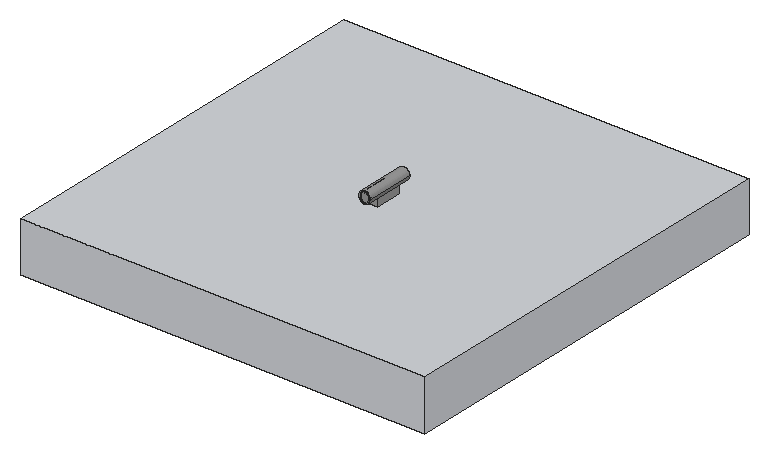
Revit family "LAMP_LUP WALL 70 DIRECT", category Luminarias, Revit 2018 (continued)
Types (2, lengths in mm): name | built-in parameter 1150107 | Product datasheet | Product code | built-in parameter 1150142 | built-in parameter 1150105 | built-in parameter 1150106 | Lumens | built-in parameter 1150104 | Efficacy | Archivo de red fotométrica
    .69 67.09 54.16 43.96 36.19 30.62 25.18 20.47 16.58 \r\n13.78 11.60 9.96 8.92 7.90 6.88 5.86 4.99 4.28 3.67 3.13 \r\n2.64 2.26 1.93 1.63 1.34 0.99 0.61 0.34 0.18 0.00 0.00 \r\n0.00 0.00 0.00 0.00 0.00 0.00 0.00 0.00 0.00 0.00 0.00 \r\n0.00 0.00 0.00 0.00 0.00 0.00 0.00 0.00 0.00 0.00 0.00 \r\n0.00 0.00 0.00 0.00 0.00 0.00 0.00 0.00 0.00 0.00 0.00 \r\n0.00 0.00 0.00 0.00 0.00 0.00 0.00 0.00 0.00 0.00 0.00 \r\n482.70 440.11 401.72 363.41 326.11 291.57 260.75 232.26 \r\n206.59 184.01 163.37 144.46 127.28 112.56 99.13 86.85 \r\n73.57 61.38 50.47 41.73 34.84 29.66 24.47 19.98 16.21 \r\n13.54 11.41 9.84 8.80 7.79 6.77 5.76 4.91 4.23 3.63 3.09 \r\n2.60 2.24 1.93 1.65 1.36 1.01 0.62 0.34 0.18 0.00 0.00 \r\n0.00 0.00 0.00 0.00 0.00 0.00 0.00 0.00 0.00 0.00 0.00 \r\n0.00 0.00 0.00 0.00 0.00 0.00 0.00 0.00 0.00 0.00 0.00 \r\n0.00 0.00 0.00 0.00 0.00 0.00 0.00 0.00 0.00 0.00 0.00 \r\n0.00 0.00 0.00 0.00 0.00 0.00 0.00 0.00 0.00 0.00 0.00 \r\n482.70 436.84 395.58 355.16 315.61 279.27 246.68 217.01 \r\n190.31 166.84 145.85 127.21 110.72 97.79 86.42 76.28 \r\n65.56 55.65 46.86 39.52 33.49 28.69 23.76 19.49 15.91 \r\n13.30 11.24 9.70 8.68 7.68 6.65 5.66 4.83 4.16 3.58 3.05 \r\n2.58 2.23 1.93 1.67 1.38 1.02 0.63 0.34 0.17 0.00 0.00 \r\n0.00 0.00 0.00 0.00 0.00 0.00 0.00 0.00 0.00 0.00 0.00 \r\n0.00 0.00 0.00 0.00 0.00 0.00 0.00 0.00 0.00 0.00 0.00 \r\n0.00 0.00 0.00 0.00 0.00 0.00 0.00 0.00 0.00 0.00 0.00 \r\n0.00 0.00 0.00 0.00 0.00 0.00 0.00 0.00 0.00 0.00 0.00 \r\n482.70 433.62 389.61 347.00 305.27 267.10 232.69 201.68 \r\n174.03 149.68 128.39 109.68 94.04 82.94 73.66 65.53 57.37 \r\n49.95 43.24 37.28 32.14 27.72 23.05 18.98 15.60 13.06 \r\n11.06 9.54 8.56 7.57 6.53 5.56 4.76 4.11 3.54 3.01 2.56 \r\n2.22 1.94 1.69 1.39 1.03 0.63 0.34 0.17 0.00 0.00 0.00 \r\n0.00 0.00 0.00 0.00 0.00 0.00 0.00 0.00 0.00 0.00 0.00 \r\n0.00 0.00 0.00 0.00 0.00 0.00 0.00 0.00 0.00 0.00 0.00 \r\n0.00 0.00 0.00 0.00 0.00 0.00 0.00 0.00 0.00 0.00 0.00 \r\n0.00 0.00 0.00 0.00 0.00 0.00 0.00 0.00 0.00 0.00 \r\n482.70 430.46 383.98 338.93 295.14 255.10 219.07 187.17 \r\n158.48 132.86 110.86 92.12 76.92 68.30 61.05 54.97 49.37 \r\n44.22 39.58 35.07 30.79 26.75 22.33 18.49 15.28 12.83 \r\n10.88 9.43 8.45 7.46 6.41 5.46 4.68 4.06 3.49 2.98 2.52 \r\n2.20 1.94 1.71 1.41 1.05 0.64 0.34 0.18 0.00 0.00 0.00 \r\n0.00 0.00 0.00 0.00 0.00 0.00 0.00 0.00 0.00 0.00 0.00 \r\n0.00 0.00 0.00 0.00 0.00 0.00 0.00 0.00 0.00 0.00 0.00 \r\n0.00 0.00 0.00 0.00 0.00 0.00 0.00 0.00 0.00 0.00 0.00 \r\n0.00 0.00 0.00 0.00 0.00 0.00 0.00 0.00 0.00 0.00 \r\n482.70 427.34 378.43 331.38 285.26 243.27 205.98 173.36 \r\n144.13 118.69 97.23 79.13 64.50 56.57 50.59 45.77 42.27 \r\n39.35 36.42 32.93 29.55 25.81 21.68 18.02 14.97 12.60 \r\n10.71 9.30 8.33 7.34 6.29 5.37 4.61 4.00 3.44 2.94 2.50 \r\n2.19 1.95 1.73 1.43 1.05 0.64 0.34 0.18 0.00 0.00 0.00 \r\n0.00 0.00 0.00 0.00 0.00 0.00 0.00 0.00 0.00 0.00 0.00 \r\n0.00 0.00 0.00 0.00 0.00 0.00 0.00 0.00 0.00 0.00 0.00 \r\n0.00 0.00 0.00 0.00 0.00 0.00 0.00 0.00 0.00 0.00 0.00 \r\n0.00 0.00 0.00 0.00 0.00 0.00 0.00 0.00 0.00 0.00 \r\n482.70 424.25 372.99 324.11 276.17 232.69 194.34 160.91 \r\n131.53 107.13 87.61 71.31 58.91 52.56 47.75 43.74 40.63 \r\n37.80 35.18 32.13 28.84 25.31 21.30 17.78 14.81 12.46 \r\n10.57 9.14 8.18 7.21 6.20 5.30 4.55 3.95 3.40 2.91 2.50 \r\n2.21 1.97 1.75 1.44 1.06 0.64 0.34 0.18 0.00 0.00 0.00 \r\n0.00 0.00 0.00 0.00 0.00 0.00 0.00 0.00 0.00 0.00 0.00 \r\n0.00 0.00 0.00 0.00 0.00 0.00 0.00 0.00 0.00 0.00 0.00 \r\n0.00 0.00 0.00 0.00 0.00 0.00 0.00 0.00 0.00 0.00 0.00 \r\n0.00 0.00 0.00 0.00 0.00 0.00 0.00 0.00 0.00 0.00 \r\n482.70 421.20 367.65 316.92 267.28 222.77 183.99 150.25 \r\n121.85 99.12 81.76 67.85 56.70 51.52 47.07 43.21 40.03 \r\n37.13 34.43 31.43 28.23 24.83 20.97 17.56 14.68 12.34 \r\n10.43 8.97 8.02 7.07 6.11 5.24 4.50 3.90 3.35 2.88 2.49 \r\n2.23 1.99 1.76 1.46 1.07 0.64 0.34 0.17 0.00 0.00 0.00 \r\n0.00 0.00 0.00 0.00 0.00 0.00 0.00 0.00 0.00 0.00 0.00 \r\n0.00 0.00 0.00 0.00 0.00 0.00 0.00 0.00 0.00 0.00 0.00 \r\n0.00 0.00 0.00 0.00 0.00 0.00 0.00 0.00 0.00 0.00 0.00 \r\n0.00 0.00 0.00 0.00 0.00 0.00 0.00 0.00 0.00 0.00 \r\n482.70 418.24 362.42 309.81 258.59 212.88 173.44 139.53 \r\n111.99 90.51 76.06 64.44 55.39 50.52 46.41 42.62 39.41 \r\n36.46 33.69 30.73 27.62 24.37 20.63 17.33 14.54 12.22 \r\n10.30 8.81 7.86 6.94 6.02 5.17 4.45 3.84 3.31 2.85 2.50 \r\n2.25 2.01 1.78 1.47 1.08 0.63 0.34 0.17 0.00 0.00 0.00 \r\n0.00 0.00 0.00 0.00 0.00 0.00 0.00 0.00 0.00 0.00 0.00 \r\n0.00 0.00 0.00 0.00 0.00 0.00 0.00 0.00 0.00 0.00 0.00 \r\n0.00 0.00 0.00 0.00 0.00 0.00 0.00 0.00 0.00 0.00 0.00 \r\n0.00 0.00 0.00 0.00 0.00 0.00 0.00 0.00 0.00 0.00 \r\n482.70 415.36 357.30 302.78 250.11 203.01 162.84 129.07 \r\n102.21 82.54 70.40 60.74 53.54 49.52 45.75 42.05 38.81 \r\n35.79 32.94 30.03 27.02 23.90 20.30 17.12 14.39 12.09 \r\n10.17 8.65 7.70 6.81 5.93 5.12 4.40 3.79 3.26 2.82 2.50 \r\n2.26 2.03 1.81 1.48 1.09 0.64 0.34 0.17 0.00 0.00 0.00 \r\n0.00 0.00 0.00 0.00 0.00 0.00 0.00 0.00 0.00 0.00 0.00 \r\n0.00 0.00 0.00 0.00 0.00 0.00 0.00 0.00 0.00 0.00 0.00 \r\n0.00 0.00 0.00 0.00 0.00 0.00 0.00 0.00 0.00 0.00 0.00 \r\n0.00 0.00 0.00 0.00 0.00 0.00 0.00 0.00 0.00 0.00 \r\n482.70 412.57 352.30 295.85 241.49 193.40 152.76 118.77 \r\n92.20 73.62 64.45 57.56 51.87 48.50 45.10 41.46 38.20 \r\n35.12 32.19 29.33 26.42 23.42 19.97 16.89 14.25 11.97 \r\n10.04 8.47 7.55 6.68 5.84 5.06 4.35 3.75 3.22 2.80 2.50 \r\n2.28 2.06 1.82 1.50 1.10 0.65 0.34 0.17 0.00 0.00 0.00 \r\n0.00 0.00 0.00 0.00 0.00 0.00 0.00 0.00 0.00 0.00 0.00 \r\n0.00 0.00 0.00 0.00 0.00 0.00 0.00 0.00 0.00 0.00 0.00 \r\n0.00 0.00 0.00 0.00 0.00 0.00 0.00 0.00 0.00 0.00 0.00 \r\n0.00 0.00 0.00 0.00 0.00 0.00 0.00 0.00 0.00 0.00 \r\n482.70 409.87 347.44 289.06 233.09 183.95 142.35 107.94 \r\n82.36 65.96 59.10 53.69 50.22 47.47 44.44 40.88 37.59 \r\n34.45 31.44 28.63 25.81 22.95 19.63 16.67 14.12 11.84 \r\n9.90 8.33 7.39 6.54 5.75 5.00 4.30 3.69 3.17 2.77 2.50 \r\n2.30 2.08 1.84 1.51 1.10 0.65 0.34 0.17 0.00 0.00 0.00 \r\n0.00 0.00 0.00 0.00 0.00 0.00 0.00 0.00 0.00 0.00 0.00 \r\n0.00 0.00 0.00 0.00 0.00 0.00 0.00 0.00 0.00 0.00 0.00 \r\n0.00 0.00 0.00 0.00 0.00 0.00 0.00 0.00 0.00 0.00 0.00 \r\n0.00 0.00 0.00 0.00 0.00 0.00 0.00 0.00 0.00 0.00 \r\n482.70 407.26 342.70 282.93 225.29 174.88 131.59 98.19 \r\n73.59 57.28 53.23 50.57 48.32 46.52 43.76 40.30 36.99 \r\n33.77 30.69 27.93 25.21 22.47 19.29 16.45 13.97 11.71 \r\n9.76 8.13 7.23 6.41 5.66 4.93 4.25 3.64 3.12 2.74 2.50 \r\n2.32 2.11 1.86 1.53 1.11 0.64 0.34 0.17 0.00 0.00 0.00 \r\n0.00 0.00 0.00 0.00 0.00 0.00 0.00 0.00 0.00 0.00 0.00 \r\n0.00 0.00 0.00 0.00 0.00 0.00 0.00 0.00 0.00 0.00 0.00 \r\n0.00 0.00 0.00 0.00 0.00 0.00 0.00 0.00 0.00 0.00 0.00 \r\n0.00 0.00 0.00 0.00 0.00 0.00 0.00 0.00 0.00 0.00 \r\n482.70 404.75 338.19 277.14 218.09 166.61 123.47 90.99 \r\n67.07 52.58 50.31 48.51 47.49 45.89 43.31 39.84 36.46 \r\n33.20 30.06 27.35 24.70 22.06 18.99 16.23 13.80 11.57 \r\n9.64 8.03 7.13 6.34 5.60 4.88 4.21 3.60 3.10 2.74 2.52 \r\n2.34 2.13 1.87 1.54 1.11 0.65 0.34 0.17 0.00 0.00 0.00 \r\n0.00 0.00 0.00 0.00 0.00 0.00 0.00 0.00 0.00 0.00 0.00 \r\n0.00 0.00 0.00 0.00 0.00 0.00 0.00 0.00 0.00 0.00 0.00 \r\n0.00 0.00 0.00 0.00 0.00 0.00 0.00 0.00 0.00 0.00 0.00 \r\n0.00 0.00 0.00 0.00 0.00 0.00 0.00 0.00 0.00 0.00 \r\n482.70 402.34 334.23 271.70 211.50 159.40 117.69 85.53 \r\n63.70 52.09 49.44 48.30 47.38 45.72 43.06 39.48 36.02 \r\n32.70 29.55 26.87 24.29 21.72 18.72 15.99 13.60 11.41 \r\n9.53 8.00 7.11 6.31 5.56 4.82 4.16 3.58 3.11 2.76 2.54 \r\n2.35 2.14 1.88 1.54 1.11 0.65 0.35 0.17 0.00 0.00 0.00 \r\n0.00 0.00 0.00 0.00 0.00 0.00 0.00 0.00 0.00 0.00 0.00 \r\n0.00 0.00 0.00 0.00 0.00 0.00 0.00 0.00 0.00 0.00 0.00 \r\n0.00 0.00 0.00 0.00 0.00 0.00 0.00 0.00 0.00 0.00 0.00 \r\n0.00 0.00 0.00 0.00 0.00 0.00 0.00 0.00 0.00 0.00 \r\n482.70 400.04 330.43 266.46 205.54 153.42 111.45 80.67 \r\n61.00 50.48 48.99 48.04 47.25 45.55 42.80 39.13 35.59 \r\n32.22 29.04 26.40 23.88 21.38 18.43 15.75 13.39 11.25 \r\n9.43 7.93 7.08 6.29 5.54 4.77 4.11 3.56 3.12 2.79 2.56 \r\n2.37 2.15 1.89 1.55 1.12 0.65 0.35 0.17 0.00 0.00 0.00 \r\n0.00 0.00 0.00 0.00 0.00 0.00 0.00 0.00 0.00 0.00 0.00 \r\n0.00 0.00 0.00 0.00 0.00 0.00 0.00 0.00 0.00 0.00 0.00 \r\n0.00 0.00 0.00 0.00 0.00 0.00 0.00 0.00 0.00 0.00 0.00 \r\n0.00 0.00 0.00 0.00 0.00 0.00 0.00 0.00 0.00 0.00 \r\n482.70 397.85 326.80 261.31 199.39 147.33 104.75 76.68 \r\n58.22 50.00 48.47 47.83 47.18 45.38 42.55 38.78 35.15 \r\n31.72 28.50 25.93 23.46 21.06 18.15 15.52 13.19 11.10 \r\n9.32 7.89 7.04 6.26 5.50 4.72 4.06 3.53 3.13 2.82 2.58 \r\n2.39 2.17 1.91 1.55 1.12 0.64 0.35 0.17 0.00 0.00 0.00 \r\n0.00 0.00 0.00 0.00 0.00 0.00 0.00 0.00 0.00 0.00 0.00 \r\n0.00 0.00 0.00 0.00 0.00 0.00 0.00 0.00 0.00 0.00 0.00 \r\n0.00 0.00 0.00 0.00 0.00 0.00 0.00 0.00 0.00 0.00 0.00 \r\n0.00 0.00 0.00 0.00 0.00 0.00 0.00 0.00 0.00 0.00 \r\n482.70 395.76 323.33 256.28 193.46 140.76 98.70 72.18 \r\n55.64 49.16 47.99 47.58 47.02 45.21 42.29 38.42 34.72 \r\n31.24 28.00 25.46 23.06 20.72 17.87 15.28 12.99 10.94 \r\n9.21 7.84 7.01 6.24 5.47 4.67 4.02 3.50 3.14 2.84 2.61 \r\n2.41 2.18 1.91 1.55 1.12 0.63 0.35 0.17 0.00 0.00 0.00 \r\n0.00 0.00 0.00 0.00 0.00 0.00 0.00 0.00 0.00 0.00 0.00 \r\n0.00 0.00 0.00 0.00 0.00 0.00 0.00 0.00 0.00 0.00 0.00 \r\n0.00 0.00 0.00 0.00 0.00 0.00 0.00 0.00 0.00 0.00 0.00 \r\n0.00 0.00 0.00 0.00 0.00 0.00 0.00 0.00 0.00 0.00 \r\n482.70 393.78 320.05 251.37 187.86 134.36 93.40 67.36 \r\n52.93 47.77 47.49 47.35 47.02 45.04 42.04 38.07 34.28 \r\n30.75 27.51 24.98 22.64 20.37 17.59 15.05 12.79 10.78 \r\n9.10 7.78 6.98 6.22 5.44 4.62 3.97 3.49 3.15 2.86 2.63 \r\n2.43 2.19 1.93 1.56 1.12 0.64 0.35 0.18 0.00 0.00 0.00 \r\n0.00 0.00 0.00 0.00 0.00 0.00 0.00 0.00 0.00 0.00 0.00 \r\n0.00 0.00 0.00 0.00 0.00 0.00 0.00 0.00 0.00 0.00 0.00 \r\n0.00 0.00 0.00 0.00 0.00 0.00 0.00 0.00 0.00 0.00 0.00 \r\n0.00 0.00 0.00 0.00 0.00 0.00 0.00 0.00 0.00 0.00 \r\n482.70 391.92 316.93 246.59 182.56 128.18 87.74 63.13 \r\n50.44 47.03 46.99 47.12 46.77 44.87 41.78 37.70 33.84 \r\n30.25 26.99 24.52 22.23 20.03 17.31 14.81 12.59 10.62 \r\n8.99 7.73 6.95 6.19 5.41 4.58 3.92 3.47 3.16 2.89 2.65 \r\n2.44 2.21 1.95 1.56 1.12 0.65 0.35 0.18 0.00 0.00 0.00 \r\n0.00 0.00 0.00 0.00 0.00 0.00 0.00 0.00 0.00 0.00 0.00 \r\n0.00 0.00 0.00 0.00 0.00 0.00 0.00 0.00 0.00 0.00 0.00 \r\n0.00 0.00 0.00 0.00 0.00 0.00 0.00 0.00 0.00 0.00 0.00 \r\n0.00 0.00 0.00 0.00 0.00 0.00 0.00 0.00 0.00 0.00 \r\n482.70 390.22 314.01 242.27 177.60 123.22 82.53 60.13 \r\n48.56 46.37 46.66 46.95 46.70 44.71 41.54 37.38 33.43 \r\n29.80 26.49 24.06 21.84 19.70 17.04 14.58 12.39 10.47 \r\n8.89 7.69 6.92 6.17 5.38 4.52 3.88 3.44 3.17 2.92 2.68 \r\n2.46 2.22 1.95 1.57 1.12 0.66 0.35 0.18 0.00 0.00 0.00 \r\n0.00 0.00 0.00 0.00 0.00 0.00 0.00 0.00 0.00 0.00 0.00 \r\n0.00 0.00 0.00 0.00 0.00 0.00 0.00 0.00 0.00 0.00 0.00 \r\n0.00 0.00 0.00 0.00 0.00 0.00 0.00 0.00 0.00 0.00 0.00 \r\n0.00 0.00 0.00 0.00 0.00 0.00 0.00 0.00 0.00 0.00 \r\n482.70 388.68 311.26 238.55 173.17 119.24 78.08 58.01 \r\n47.56 45.85 46.49 46.87 46.69 44.56 41.32 37.10 33.12 \r\n29.45 26.19 23.78 21.58 19.48 16.84 14.42 12.28 10.41 \r\n8.86 7.67 6.90 6.14 5.33 4.50 3.87 3.46 3.19 2.93 2.69 \r\n2.47 2.23 1.96 1.57 1.12 0.66 0.35 0.18 0.00 0.00 0.00 \r\n0.00 0.00 0.00 0.00 0.00 0.00 0.00 0.00 0.00 0.00 0.00 \r\n0.00 0.00 0.00 0.00 0.00 0.00 0.00 0.00 0.00 0.00 0.00 \r\n0.00 0.00 0.00 0.00 0.00 0.00 0.00 0.00 0.00 0.00 0.00 \r\n0.00 0.00 0.00 0.00 0.00 0.00 0.00 0.00 0.00 0.00 \r\n482.70 387.24 308.71 235.23 169.16 115.65 74.62 56.57 \r\n47.12 45.72 46.46 46.85 46.50 44.42 41.13 36.89 32.83 \r\n29.14 25.87 23.51 21.34 19.27 16.64 14.27 12.19 10.35 \r\n8.84 7.63 6.89 6.11 5.28 4.47 3.87 3.47 3.20 2.95 2.71 \r\n2.49 2.24 1.97 1.57 1.12 0.65 0.34 0.18 0.00 0.00 0.00 \r\n0.00 0.00 0.00 0.00 0.00 0.00 0.00 0.00 0.00 0.00 0.00 \r\n0.00 0.00 0.00 0.00 0.00 0.00 0.00 0.00 0.00 0.00 0.00 \r\n0.00 0.00 0.00 0.00 0.00 0.00 0.00 0.00 0.00 0.00 0.00 \r\n0.00 0.00 0.00 0.00 0.00 0.00 0.00 0.00 0.00 0.00 \r\n482.70 385.90 306.29 232.07 165.53 112.44 72.91 55.13 \r\n46.87 45.77 46.45 46.84 46.50 44.28 40.93 36.64 32.53 \r\n28.84 25.59 23.24 21.09 19.03 16.45 14.12 12.09 10.30 \r\n8.81 7.63 6.87 6.08 5.24 4.45 3.86 3.48 3.21 2.96 2.73 \r\n2.50 2.26 1.99 1.58 1.12 0.64 0.34 0.17 0.00 0.00 0.00 \r\n0.00 0.00 0.00 0.00 0.00 0.00 0.00 0.00 0.00 0.00 0.00 \r\n0.00 0.00 0.00 0.00 0.00 0.00 0.00 0.00 0.00 0.00 0.00 \r\n0.00 0.00 0.00 0.00 0.00 0.00 0.00 0.00 0.00 0.00 0.00 \r\n0.00 0.00 0.00 0.00 0.00 0.00 0.00 0.00 0.00 0.00 \r\n482.70 384.67 304.03 229.08 162.33 108.94 71.13 54.11 \r\n46.65 45.70 46.43 46.82 46.47 44.13 40.72 36.41 32.26 \r\n28.52 25.28 22.98 20.85 18.82 16.26 13.97 11.99 10.25 \r\n8.78 7.63 6.85 6.05 5.20 4.42 3.86 3.50 3.23 2.98 2.74 \r\n2.52 2.27 2.01 1.58 1.12 0.63 0.34 0.17 0.00 0.00 0.00 \r\n0.00 0.00 0.00 0.00 0.00 0.00 0.00 0.00 0.00 0.00 0.00 \r\n0.00 0.00 0.00 0.00 0.00 0.00 0.00 0.00 0.00 0.00 0.00 \r\n0.00 0.00 0.00 0.00 0.00 0.00 0.00 0.00 0.00 0.00 0.00 \r\n0.00 0.00 0.00 0.00 0.00 0.00 0.00 0.00 0.00 0.00 \r\n482.70 383.53 301.96 226.28 159.22 105.45 69.12 53.04 \r\n46.38 45.57 46.42 46.80 46.28 43.99 40.53 36.17 31.96 \r\n28.22 25.01 22.71 20.61 18.61 16.07 13.82 11.91 10.20 \r\n8.76 7.60 6.84 6.02 5.15 4.39 3.85 3.51 3.25 3.00 2.76 \r\n2.53 2.28 2.01 1.59 1.12 0.62 0.34 0.17 0.00 0.00 0.00 \r\n0.00 0.00 0.00 0.00 0.00 0.00 0.00 0.00 0.00 0.00 0.00 \r\n0.00 0.00 0.00 0.00 0.00 0.00 0.00 0.00 0.00 0.00 0.00 \r\n0.00 0.00 0.00 0.00 0.00 0.00 0.00 0.00 0.00 0.00 0.00 \r\n0.00 0.00 0.00 0.00 0.00 0.00 0.00 0.00 0.00 0.00 \r\n482.70 382.52 300.07 223.66 156.07 102.26 66.61 51.93 \r\n46.15 45.41 46.41 46.78 46.22 43.85 40.33 35.91 31.67 \r\n27.91 24.64 22.44 20.38 18.38 15.87 13.67 11.81 10.15 \r\n8.73 7.59 6.82 5.99 5.11 4.37 3.85 3.52 3.27 3.01 2.77 \r\n2.54 2.29 2.01 1.59 1.12 0.62 0.34 0.17 0.00 0.00 0.00 \r\n0.00 0.00 0.00 0.00 0.00 0.00 0.00 0.00 0.00 0.00 0.00 \r\n0.00 0.00 0.00 0.00 0.00 0.00 0.00 0.00 0.00 0.00 0.00 \r\n0.00 0.00 0.00 0.00 0.00 0.00 0.00 0.00 0.00 0.00 0.00 \r\n0.00 0.00 0.00 0.00 0.00 0.00 0.00 0.00 0.00 0.00 \r\n482.70 381.58 298.38 221.30 153.30 99.54 63.90 51.07 \r\n45.92 45.35 46.39 46.77 46.25 43.70 40.14 35.69 31.39 \r\n27.59 24.42 22.17 20.13 18.16 15.68 13.53 11.72 10.10 \r\n8.71 7.58 6.80 5.97 5.07 4.35 3.84 3.54 3.28 3.03 2.79 \r\n2.55 2.30 2.02 1.59 1.12 0.62 0.34 0.17 0.00 0.00 0.00 \r\n0.00 0.00 0.00 0.00 0.00 0.00 0.00 0.00 0.00 0.00 0.00 \r\n0.00 0.00 0.00 0.00 0.00 0.00 0.00 0.00 0.00 0.00 0.00 \r\n0.00 0.00 0.00 0.00 0.00 0.00 0.00 0.00 0.00 0.00 0.00 \r\n0.00 0.00 0.00 0.00 0.00 0.00 0.00 0.00 0.00 0.00 \r\n482.70 380.73 296.88 219.31 150.92 97.77 61.26 50.43 \r\n45.74 45.38 46.37 46.74 46.21 43.58 39.99 35.52 31.18 \r\n27.38 24.19 21.99 19.96 18.01 15.54 13.41 11.65 10.06 \r\n8.70 7.55 6.79 5.94 5.03 4.33 3.84 3.54 3.29 3.04 2.80 \r\n2.56 2.31 2.02 1.59 1.11 0.62 0.34 0.17 0.00 0.00 0.00 \r\n0.00 0.00 0.00 0.00 0.00 0.00 0.00 0.00 0.00 0.00 0.00 \r\n0.00 0.00 0.00 0.00 0.00 0.00 0.00 0.00 0.00 0.00 0.00 \r\n0.00 0.00 0.00 0.00 0.00 0.00 0.00 0.00 0.00 0.00 0.00 \r\n0.00 0.00 0.00 0.00 0.00 0.00 0.00 0.00 0.00 0.00 \r\n482.70 379.99 295.58 217.61 148.93 96.38 59.52 49.97 \r\n45.65 45.39 46.35 46.69 46.02 43.48 39.88 35.40 31.05 \r\n27.26 24.01 21.87 19.85 17.89 15.45 13.34 11.62 10.05 \r\n8.69 7.56 6.77 5.92 4.98 4.32 3.84 3.55 3.29 3.04 2.80 \r\n2.56 2.31 2.02 1.59 1.11 0.61 0.33 0.17 0.00 0.00 0.00 \r\n0.00 0.00 0.00 0.00 0.00 0.00 0.00 0.00 0.00 0.00 0.00 \r\n0.00 0.00 0.00 0.00 0.00 0.00 0.00 0.00 0.00 0.00 0.00 \r\n0.00 0.00 0.00 0.00 0.00 0.00 0.00 0.00 0.00 0.00 0.00 \r\n0.00 0.00 0.00 0.00 0.00 0.00 0.00 0.00 0.00 0.00 \r\n482.70 379.36 294.48 216.20 147.36 95.30 58.09 49.63 \r\n45.59 45.37 46.32 46.65 45.89 43.39 39.77 35.27 30.93 \r\n27.13 23.97 21.76 19.74 17.80 15.36 13.27 11.57 10.03 \r\n8.68 7.55 6.75 5.90 4.97 4.30 3.84 3.55 3.29 3.04 2.80 \r\n2.56 2.30 2.01 1.58 1.10 0.61 0.33 0.17 0.00 0.00 0.00 \r\n0.00 0.00 0.00 0.00 0.00 0.00 0.00 0.00 0.00 0.00 0.00 \r\n0.00 0.00 0.00 0.00 0.00 0.00 0.00 0.00 0.00 0.00 0.00 \r\n0.00 0.00 0.00 0.00 0.00 0.00 0.00 0.00 0.00 0.00 0.00 \r\n0.00 0.00 0.00 0.00 0.00 0.00 0.00 0.00 0.00 0.00 \r\n482.70 378.85 293.57 215.08 146.11 94.11 57.21 49.38 \r\n45.50 45.35 46.30 46.61 45.81 43.29 39.65 35.16 30.81 \r\n27.00 23.88 21.65 19.63 17.71 15.27 13.20 11.53 10.01 \r\n8.67 7.53 6.74 5.88 4.95 4.29 3.84 3.55 3.30 3.04 2.80 \r\n2.56 2.30 2.01 1.58 1.09 0.60 0.32 0.17 0.00 0.00 0.00 \r\n0.00 0.00 0.00 0.00 0.00 0.00 0.00 0.00 0.00 0.00 0.00 \r\n0.00 0.00 0.00 0.00 0.00 0.00 0.00 0.00 0.00 0.00 0.00 \r
